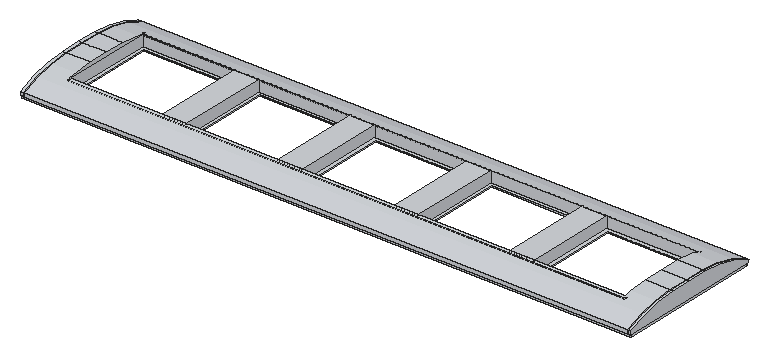
Revit family "Gira_021581", category Electrical Fixtures, host Face, Revit 2017
Family settings
  Host = Face
  Maintain Annotation Orientation = No
  Round Connector Dimension = Use Diameter
  Part Type = Normal
  Cut with Voids When Loaded = No
  Shared = No
  Room Calculation Point = No
Parameters (values of type "Abdeckrahmen 5f Zwischenr. F Alu Gira Event Anthrazit")
  Werkstoffgüte = "Thermoplast"
  Werkstoff = "Kunststoff"
  URL = "http://katalog.gira.de/de_DE/datenblatt.html?artikelnr=021581"
  Transparent = "No"
  Textfeld/Beschriftungsfläche = "No"
  Schutzart (IP) = "IP20"
  Region = "DE"
  Oberfläche = "sonstige"
  Name = "Abdeckrahmen 5f Zwischenr. F Alu Gira Event Anthrazit"
  Montagerichtung = "horizontal und vertikal"
  Mit Montagerahmen = "No"
  Mit Klappdeckel = "No"
  Manufacturer URL = "https://www.gira.de/"
  Keynote = "Event_Rahmen_5fach"
  HeinzeBIM = "https://bimportal.heinze.de/bim/abdeckrahmen-5f-zwischenr-f-alu-gira-event-anthrazit/98387d54caf5f600a336a1878c4a6bb3a041b636"
  Halogenfrei = "Yes"
  HAN = "021581"
  Geeignet für Unterputz-Installation = "Yes"
  Geeignet für Unterflurkanaldose = "No"
  Geeignet für Geräteeinbaukanal = "No"
  Geeignet für Einbauinstallation = "No"
  GTIN = "4010337215813"
  Farbe = "anthrazit"
  Default Elevation = 1219.2 mm
  Data sheet (1) = "https://katalog.gira.de/de_DE/download.html?artikelnr=021581"
  Category = "Abdeckrahmen"
  Befestigungsart = "Klemmbefestigung"
  Available = "Yes"
  Anzahl der Einheiten vertikal = "5 "
  Anzahl der Einheiten horizontal = "5 "
  Anzahl der Einheiten = "5 "
Reference planes
  plane 1 "Center (Front/Back)": y = 0
  plane 2: z = 0
  plane 3 "Center (Left/Right)": x = 0
Forms (mm)
  Extrusion 1, solid, detail levels fine
    sketch origin (0, 0, 0.05) x (0, 1, 0) y (0, 0, 1)
      loop
        arc (12.445, 9.683) -> (6.223, 9.833) -> (0, 9.85) r 291.636
        arc (0, 9.85) -> (-6.223, 9.833) -> (-12.445, 9.683) r 291.636
        arc (-12.445, 9.683) -> (-29.14, 7.482) -> (-45, 1.823) r 79.728
        line (-45, 1.823) -> (-45, -0.05) -> (-42.086, -0.05)
        arc (-42.086, -0.05) -> (-21.385, 5.559) -> (0, 7.206) r 114.424
        arc (0, 7.206) -> (21.385, 5.559) -> (42.086, -0.05) r 114.424
        line (42.086, -0.05) -> (45, -0.05) -> (45, 1.823)
        arc (45, 1.823) -> (29.14, 7.482) -> (12.445, 9.683) r 79.728
    from -185.578 to 185.593
  Extrusion 2, void, detail levels fine
    sketch origin (0, 0, 0) x (1, 0, 0) y (0, 1, 0)
      loop
        line (170.607, 28) -> (-170.593, 28) -> (-170.593, -28) -> (170.607, -28) -> (170.607, 28)
    from 0.724 to 11
  Extrusion 3, solid, detail levels coarse
    sketch origin (0, 0, 0) x (1, 0, 0) y (0, 1, 0)
      loop
        line (-187.578, 45) -> (-187.578, -45) -> (187.593, -45) -> (187.593, 45) -> (-187.578, 45)
    from -1.5 to 9.9
  Extrusion 4, solid, detail levels medium
    sketch origin (0, 0, 0.05) x (0, 1, 0) y (0, 0, 1)
      loop
        arc (12.445, 9.683) -> (6.223, 9.833) -> (0, 9.85) r 291.636
        arc (0, 9.85) -> (-6.223, 9.833) -> (-12.445, 9.683) r 291.636
        arc (-12.445, 9.683) -> (-29.14, 7.482) -> (-45, 1.823) r 79.728
        line (-45, 1.823) -> (-45, -0.05) -> (45, -0.05) -> (45, 1.823)
        arc (45, 1.823) -> (29.14, 7.482) -> (12.445, 9.683) r 79.728
    from -187.578 to 187.593
  Extrusion 5, solid, detail levels fine
    sketch origin (-142.578, 0, -1.5) x (0, 1, 0) y (0, 0, -1)
      loop
        line (45, -3.373) -> (45, -1.5) -> (-45, -1.5) -> (-45, -3.373)
        arc (-45, -3.373) -> (-29.14, -9.032) -> (-12.445, -11.233) r 79.728
        arc (-12.445, -11.233) -> (-6.223, -11.383) -> (0, -11.4) r 291.636
        arc (0, -11.4) -> (6.223, -11.383) -> (12.445, -11.233) r 291.636
        arc (12.445, -11.233) -> (29.14, -9.032) -> (45, -3.373) r 79.728
    from 43 to 45
  Extrusion 6, solid, detail levels fine
    sketch origin (0, 0, 0) x (1, 0, 0) y (0, 1, 0)
      loop
        line (-168.493, 25.7) -> (-168.493, -25.7) -> (-116.693, -25.7) -> (-116.693, 25.7) -> (-168.493, 25.7)
      loop
        line (-45.398, -25.7) -> (-45.398, 25.7) -> (-97.198, 25.7) -> (-97.198, -25.7) -> (-45.398, -25.7)
      loop
        line (-171.487, 28.49) -> (-171.487, -28.495)
        spline (-171.487, -28.495) -> (-171.479, -28.625) -> (-171.453, -28.754) -> (-171.411, -28.878) -> (-171.353, -28.995) -> (-171.281, -29.104) -> (-171.194, -29.202) -> (-171.096, -29.288) -> (-170.987, -29.361) -> (-170.87, -29.419) -> (-170.746, -29.461) -> (-170.618, -29.486) -> (-170.487, -29.495)
        line (-170.487, -29.495) -> (170.502, -29.495)
        spline (170.502, -29.495) -> (170.633, -29.486) -> (170.761, -29.461) -> (170.885, -29.419) -> (171.002, -29.361) -> (171.111, -29.288) -> (171.209, -29.202) -> (171.296, -29.104) -> (171.368, -28.995) -> (171.426, -28.878) -> (171.468, -28.754) -> (171.494, -28.625) -> (171.502, -28.495)
        line (171.502, -28.495) -> (171.502, 28.49)
        spline (171.502, 28.49) -> (171.494, 28.62) -> (171.468, 28.748) -> (171.426, 28.872) -> (171.368, 28.99) -> (171.296, 29.098) -> (171.209, 29.197) -> (171.111, 29.283) -> (171.002, 29.356) -> (170.885, 29.413) -> (170.761, 29.456) -> (170.633, 29.481) -> (170.502, 29.49)
        line (170.502, 29.49) -> (-170.487, 29.49)
        spline (-170.487, 29.49) -> (-170.618, 29.481) -> (-170.746, 29.456) -> (-170.87, 29.413) -> (-170.987, 29.356) -> (-171.096, 29.283) -> (-171.194, 29.197) -> (-171.281, 29.098) -> (-171.353, 28.99) -> (-171.411, 28.872) -> (-171.453, 28.748) -> (-171.479, 28.62) -> (-171.487, 28.49)
      loop
        line (25.902, -25.7) -> (25.902, 25.7) -> (-25.898, 25.7) -> (-25.898, -25.7) -> (25.902, -25.7)
      loop
        line (97.207, -25.7) -> (97.207, 25.7) -> (45.407, 25.7) -> (45.407, -25.7) -> (97.207, -25.7)
      loop
        line (168.507, -25.7) -> (168.507, 25.7) -> (116.707, 25.7) -> (116.707, -25.7) -> (168.507, -25.7)
    from 0.1 to 7.3
  Extrusion 7, solid
    sketch origin (0, 0, 0) x (1, 0, 0) y (0, 1, 0)
      loop
        arc (-187.293, -44.218) -> (-187.146, -44.572) -> (-186.793, -44.718) r 0.5
        line (-186.793, -44.718) -> (186.807, -44.718)
        arc (186.807, -44.718) -> (187.161, -44.572) -> (187.307, -44.218) r 0.5
        line (187.307, -44.218) -> (187.307, 44.182)
        arc (187.307, 44.182) -> (187.161, 44.535) -> (186.807, 44.682) r 0.5
        line (186.807, 44.682) -> (-186.793, 44.682)
        arc (-186.793, 44.682) -> (-187.146, 44.535) -> (-187.293, 44.182) r 0.5
        line (-187.293, 44.182) -> (-187.293, -44.218)
      loop
        line (-185.593, 42.982) -> (-185.593, -43.018) -> (185.607, -43.018) -> (185.607, 42.982) -> (-185.593, 42.982)
    from -1.5 to 0.5
  Extrusion 8, solid, detail levels fine
    sketch origin (142.593, 0, -1.5) x (0, 1, 0) y (0, 0, 1)
      loop
        arc (45, 3.373) -> (29.14, 9.032) -> (12.445, 11.233) r 79.728
        arc (12.445, 11.233) -> (6.223, 11.383) -> (0, 11.4) r 291.636
        arc (0, 11.4) -> (-6.223, 11.383) -> (-12.445, 11.233) r 291.636
        arc (-12.445, 11.233) -> (-29.14, 9.032) -> (-45, 3.373) r 79.728
        line (-45, 3.373) -> (-45, 1.5) -> (45, 1.5) -> (45, 3.373)
    from 43 to 45
  Extrusion 9, solid, detail levels medium
    sketch origin (0, 0, 0) x (1, 0, 0) y (0, 1, 0)
      loop
        line (-187.293, -44.718) -> (187.307, -44.718) -> (187.307, 44.682) -> (-187.293, 44.682) -> (-187.293, -44.718)
    from -1.5 to 0.5
  Extrusion 10, solid, detail levels fine
    sketch origin (-105.5, 0, 0) x (1, 0, 0) y (0, 1, 0)
      loop
        line (-8.943, 28.063) -> (-8.943, -27.937) -> (6.057, -27.937) -> (6.057, 28.063) -> (-8.943, 28.063)
    from 0.724 to 7.566
  Extrusion 11, solid, detail levels fine
    sketch origin (-37.085, 0, 0) x (-1, 0, 0) y (0, -1, 0)
      loop
        line (-8.943, -28.063) -> (6.057, -28.063) -> (6.057, 27.937) -> (-8.943, 27.937) -> (-8.943, -28.063)
    from 0.724 to 7.566
  Extrusion 12, solid, detail levels fine
    sketch origin (105.5, 0, 0) x (-1, 0, 0) y (0, -1, 0)
      loop
        line (-8.943, -28.063) -> (6.057, -28.063) -> (6.057, 27.937) -> (-8.943, 27.937) -> (-8.943, -28.063)
    from 0.724 to 7.566
  Extrusion 13, solid, detail levels fine
    sketch origin (37.085, 0, 0) x (1, 0, 0) y (0, 1, 0)
      loop
        line (-8.943, 28.063) -> (-8.943, -27.937) -> (6.057, -27.937) -> (6.057, 28.063) -> (-8.943, 28.063)
    from 0.724 to 7.566
Cuts and joins
  Extrusion 2 cuts Extrusion 1
  Extrusion 2 cuts Extrusion 6
Dimensions and locks
  aligned and locked: plane 2 to host face
  aligned and locked: level to host face
